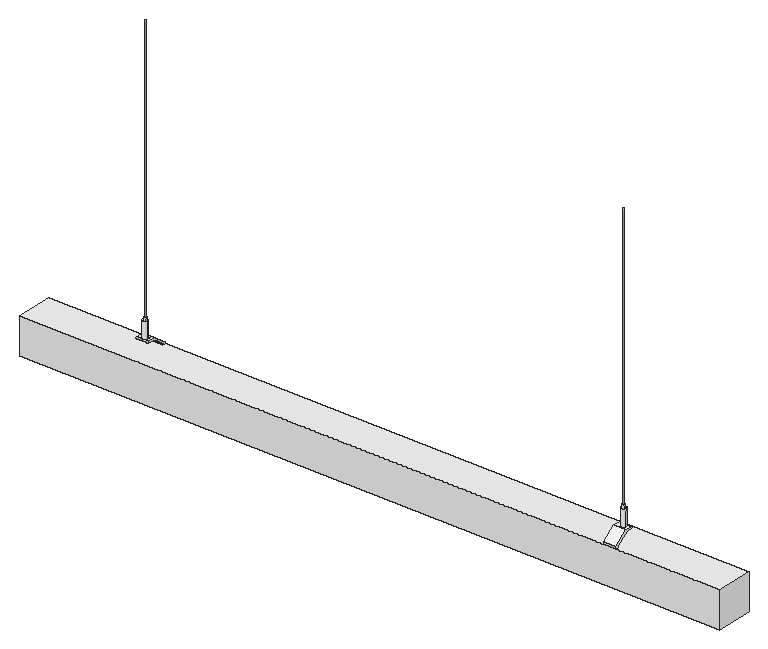
Revit family "Lighting_Pendants_Fagerhult_Notor-65-Beta-Opti_Unhosted", category Lighting Fixtures, Revit 2016
Family settings
  Part Type = Normal
  Round Connector Dimension = Use Diameter
  OmniClass Number = 23.80.70.00
  OmniClass Title = Lighting
  Work Plane-Based = No
  Always vertical = No
  Cut with Voids When Loaded = No
  Light Source = Yes
  Shared = No
  Room Calculation Point = No
Parameters (values of type "Reload with Family Catalog")
  Youtube clip = "https://vimeo.com/200646173"
  Width = 65 mm
  Weight Net (Kg) = "0"
  Weight (Kg) = "3.0"
  Wattage Comments = ""
  Wattage = 9.2903 W
  built-in parameter 1150110 = 1 (stored number, unit not read)
  Voltage = 230 V
  Uniformat II Description = "Lighting & Branch Wiring"
  Uniformat II Code = "D5020"
  Uniclass 2015 Name = "Light-emitting diode (LED) lamps"
  Uniclass 2015 Code = "Pr_70_70_46_44"
  Uniclass 2.0 Description = "Luminaires And Lamps"
  Uniclass 2.0 Code = "PR-49"
  Uniclass 1.4 Description = "Luminaires and lamps"
  Uniclass 1.4 Code = "JY73"
  URL = "www.Fagerhult.com"
  UNSPSC Code = "3911"
  TypeID = "EA2xx-i"
  built-in parameter 1114217 = 1 (stored number, unit not read)
  Tilt Angle = 90.00°
  built-in parameter 1150109 = 1 (stored number, unit not read)
  built-in parameter 1150134 = 3000
  Technical description = "https://www.fagerhult.com/Products/notor/notor-65-delta/"
  Sus. Position [instance] = 200 mm
  built-in parameter 1150113 = 1 (stored number, unit not read)
  Region South America = "AR"
  Region Oceania = "AS, AU, NZ"
  Region North America = "BB, GL, GT, US"
  Region Middle East = "AE, AF, BH, EG, IL, KW, LB, OM, QA, SA, TR"
  Region Europe = "AT, AX, BA, BE, BG, CH, CZ, DE, DK, EE, ES, FI, FO, FR, GB, GR, HR, HU, IE, IS, IT, LT, LU, LV, MT, NL, NO, PL, PT, RO, RU, SE, SI, SK, UA"
  Region Asia = "AM, CN, IN, JP, KR, LA, MO, MY, SG, TW"
  Region Antarctica = "None"
  Region Africa = "BF, ER, ET, NG, ZA"
  QR code = "http://bimobject.com/fagerhult/product/Notor-65-Delta"
  Product url = "https://www.fagerhult.com/Products/notor/notor-65-delta/"
  Product group = "Pendant"
  Product family = "Indoor"
  Product data url = "https://bimobject.com/fagerhult/product/Notor-65-Delta"
  Product certification = ""
  Product SKU = "Notor-65-Delta"
  Product Guid = "afe4afbb-cb42-484d-8347-68d999c3d456"
  Photometric Web File = "GENERIC - Please download and link the .IES file that best matches your fixture specification"
  Photometric File Note = "The .IES files provided are sample files based on a few standard configurations.  Not all photometric configurations are available.   The actual data and values will vary depending on lens, color temperature and other options.  Please visit www.fagerhult.com for more defined photometric data."  # constant formula
  Pendant Height [instance] = 600 mm
  Pend. Height [instance] = if(Pendant Height < 65 mm, 65 mm, Pendant Height)  # 600 mm
  OmniClass Description = "Lighting Fixtures"
  OmniClass Code = "23-35 47 11"
  Nr of lamells = 59
  built-in parameter 1150142 = (empty or 0)
  Nominal width = 0 mm
  Nominal height = 0 mm
  NBS Reference Description = "Luminaires And Lamps"
  NBS Reference Code = "49"
  Model = "Notor 65 Beta Opti"
  Material secondary = "Acrylic"
  Material main = "Aluminium"
  Masterformat 2014 Description = "Interior Lighting Fixtures, Lamps, And Ballasts"
  Masterformat 2014 Code = "26 51 13"
  Manufacturer name = "Fagerhult"
  Manufacturer country = "Sweden"
  Manufacturer = "Fagerhult"
  built-in parameter 1150105 = 80.584 (stored number, unit not read)
  Lumens = 1012.64 lm
  built-in parameter 1150115 = 1 (stored number, unit not read)
  Louvre = Aluminium - Fagerhult - BetaOpti - Satin matt
  Load Classification = Lighting
  built-in parameter 1150137 = (empty or 0)
  built-in parameter 1150139 = (empty or 0)
  Length = 1267 mm
  built-in parameter 1150112 = 1 (stored number, unit not read)
  built-in parameter 1150114 = 1 (stored number, unit not read)
  Lamp = "LED"  # constant formula
  Lamells = if(Length > 2000 mm, 118, Nr of lamells)  # 59
  Keynote = "V59"
  Installation instructions = "https://www.fagerhult.com/globalassets/inriverresources/instructionforuse/notor65_instruction_for_use.pdf"
  built-in parameter 1150132 = (empty or 0)
  built-in parameter 1150102 = (empty or 0)
  built-in parameter 1150107 = 3000 (stored number, unit not read)
  built-in parameter 1150138 = (empty or 0)
  built-in parameter 1150106 = 0.80584 (stored number, unit not read)
  IP Code = "Reload with Family Catalog"
  IFC Classification = "Light Fixture"
  Height = 65 mm
  Emit from Rectangle Width = Width - 15 mm  # 50 mm
  Emit from Rectangle Length = Length - 13 mm  # 1254 mm
  Emit Shape Visible in Rendering = no
  built-in parameter 1150104 = 10.126 (stored number, unit not read)
  Edition number = 1
  EAN_Code = "Reload with Family Catalog"
  EAN code = ""
  Dimming Lamp Color Temperature Shift = (empty or 0)
  Design country = "Sweden"
  Description = "Reload with Family Catalog"
  Default Elevation = 1219 mm
  Date of publishing = ""
  Color Rendering Index = "min. 80"
  Color Filter = 16777215
  Color = "Reload with Family Catalog"
  Coefficient of Utilization = (empty or 0)
  Calculate Coefficient of Utilization = 1
  COBIe Type Category = ""
  Brand url = "http://www.fagerhult.com"
  Body = Aluminium - Fagerhult - Anodised
  built-in parameter 1114218 = 1 (stored number, unit not read)
  BIMobject main category code = "lighting"
  BIMobject main category = "Lighting"
  BIMobject category code = "lighting-pendants"
  BIMobject category = "Pendants"
  built-in parameter 1150133 = 10 (stored number, unit not read)
  Assembly Code = "D5020230"
  Article Number = "Reload with Family Catalog"
  Apparent Load = 19 VA
Reference planes
  plane 1 "Center (Front/Back)": y = 0
  plane 2: z = 0
  plane 3 "Center (Left/Right)": x = 0
  plane 4: x = -633.5
  plane 5: x = 633.5
  plane 6: y = 32.5
  plane 7: y = -32.5
  plane 8 "Back": z = 65
  plane 9 "Light": z = 0
  plane 10: y = 25
  plane 11: y = -25
  plane 12: x = -627
  plane 13: x = 627
  plane 14: z = 32.5
  plane 15: z = 26
  plane 16: x = -433.5
  plane 17: x = 433.5
  plane 18 "Lamell": z = 19
  plane 19: x = -615.1
  plane 20: x = 615.1
Forms (mm)
  Extrusion 1, solid, material "Aluminium - Fagerhult - Anodised" <- "Body", detail levels medium+fine
    sketch origin (0, 0, 0) x (0, 1, 0) y (0, 0, 1)
      loop
        line (32.5, 65) -> (-32.5, 65) -> (-32.5, 0) -> (32.5, 0) -> (32.5, 65)
    from -633.5 to 633.5
  Extrusion 2, void
    sketch origin (0, 0, 335) x (0, 1, 0) y (0, 0, 1)
      loop
        line (25, -340) -> (25, -335) -> (16.552, -309) -> (-16.552, -309) -> (-25, -335) -> (-25, -340) -> (25, -340)
    from -627 to 627
  Extrusion 3, solid, material "Aluminium - Fagerhult - Anodised" <- "Body", detail levels coarse
    sketch origin (0, 0, 0) x (1, 0, 0) y (0, 1, 0)
      loop
        line (-633.5, 32.5) -> (-633.5, -32.5) -> (633.5, -32.5) -> (633.5, 32.5) -> (-633.5, 32.5)
    from 0 to 65
Cuts and joins
  Extrusion 2 cuts Extrusion 1
Dimensions and locks
  equal spacing: plane 4, plane 3 "Center (Left/Right)", plane 5
  "Length": plane 4 to plane 5
  equal spacing: plane 6, plane 1 "Center (Front/Back)", plane 7
  "Width": plane 6 to plane 7
  "Height": plane 8 "Back" to plane 9 "Light"
  plane 5 to plane 20 = 18.4 mm
  plane 19 to plane 4 = 18.4 mm
  equal spacing: group 1, group 3, group 4, group 5, group 6, group 7, group 8, group 9, group 10, group 11, group 12, group 13, group 14, group 15, group 16, group 17, group 18, group 19, group 20, group 21, group 22, group 23, group 24, group 25, group 26, group 27, group 28, group 29, group 30, group 31, group 32, group 33, group 34, group 35, group 36, group 37, group 38, group 39, group 40, group 41, group 42, group 43, group 44, group 45, group 46, group 47, group 48, group 49, group 50, group 51, group 52, group 53, group 54, group 55, group 56, group 57, group 58, group 59, group 2  (x3)
  plane 8 "Back" to plane 14 to plane 15 to plane 18 "Lamell" to plane 9 "Light" = 32.5 mm, 6.5 mm, 7 mm, 19 mm
  "Sus. Position": plane 4 to plane 16
  "Sus. Position": plane 17 to plane 5
  plane 13 to plane 5 = 6.5 mm
  plane 20 to plane 13 = 11.9 mm
  plane 4 to plane 12 = 6.5 mm
  plane 12 to plane 19 = 11.9 mm
  aligned and locked: level to plane 2
  aligned and locked: plane 8 "Back" to Extrusion 1 sketch curve
  aligned and locked: plane 6 to Extrusion 1 sketch curve
  aligned and locked: Extrusion 1 sketch curve to plane 9 "Light"
  aligned and locked: Extrusion 1 sketch curve to plane 7
  aligned and locked: plane 5 to Extrusion 1
  aligned and locked: Extrusion 1 to plane 4
  aligned and locked: nested 1 to plane 8 "Back"
  aligned and locked: nested 1 to plane 16
  aligned and locked: nested 2 to plane 17
  aligned and locked: nested 2 to plane 1 "Center (Front/Back)"
  aligned and locked: plane 1 "Center (Front/Back)" to nested 1
  aligned and locked: plane 9 "Light" to imposter light
  aligned and locked: imposter light to plane 1 "Center (Front/Back)"
  aligned and locked: plane 18 "Lamell" to nested 3
  aligned and locked: plane 18 "Lamell" to nested 4
  aligned and locked: nested 2 to plane 8 "Back"
  aligned and locked: Extrusion 2 to plane 12
  aligned and locked: plane 13 to Extrusion 2
  aligned and locked: nested 3 to plane 19
  aligned and locked: plane 20 to nested 4
  aligned and locked: plane 6 to Extrusion 3
  aligned and locked: plane 5 to Extrusion 3
  aligned and locked: Extrusion 3 to plane 7
  aligned and locked: Extrusion 3 to plane 4
  aligned and locked: Extrusion 3 to level
  aligned and locked: plane 8 "Back" to Extrusion 3
Automatic sketch dimensions
  Extrusion 2 sketch curve to plane 11 = 0 mm
  plane 15 to Extrusion 2 sketch curve = 0 mm
  Extrusion 2 sketch curve to plane 9 "Light" = 0 mm  (x2)
  Extrusion 2 sketch curve to plane 10 = 0 mm
  plane 11 to Extrusion 2 sketch curve = 8.448 mm
  Extrusion 2 sketch curve to plane 10 = 8.448 mm
  plane 9 "Light" to Extrusion 2 sketch curve = 5 mm
  Extrusion 3 sketch curve to plane 4 = 0 mm
  Extrusion 3 sketch curve to plane 5 = 0 mm
  Extrusion 3 sketch curve to plane 7 = 0 mm
  Extrusion 3 sketch curve to plane 6 = 0 mm
Nested families
  nested 1: "Fitting" at (-433.5, 0, 600), type "Fitting", detail levels fine
  nested 2: "Fitting" at (433.5, 0, 600) x (-1, 0, 0) z (0, 0, 1), type "Fitting", detail levels fine
  nested 3: "Lamell" at (-609.1, 0, 1.2) x (0, 1, 0) z (0, 0, 1), type "Lamell", detail levels fine
  nested 4: "Lamell" at (615.1, 0, 1.2) x (0, 1, 0) z (0, 0, 1), type "Lamell", detail levels fine
  nested 5: "Lamell" at (-587.993, 0, 1.2) x (0, 1, 0) z (0, 0, 1), type "Lamell", detail levels fine
  nested 6: "Lamell" at (-566.886, 0, 1.2) x (0, 1, 0) z (0, 0, 1), type "Lamell", detail levels fine
  nested 7: "Lamell" at (-545.779, 0, 1.2) x (0, 1, 0) z (0, 0, 1), type "Lamell", detail levels fine
  nested 8: "Lamell" at (-524.672, 0, 1.2) x (0, 1, 0) z (0, 0, 1), type "Lamell", detail levels fine
  nested 9: "Lamell" at (-503.566, 0, 1.2) x (0, 1, 0) z (0, 0, 1), type "Lamell", detail levels fine
  nested 10: "Lamell" at (-482.459, 0, 1.2) x (0, 1, 0) z (0, 0, 1), type "Lamell", detail levels fine
  nested 11: "Lamell" at (-461.352, 0, 1.2) x (0, 1, 0) z (0, 0, 1), type "Lamell", detail levels fine
  nested 12: "Lamell" at (-440.245, 0, 1.2) x (0, 1, 0) z (0, 0, 1), type "Lamell", detail levels fine
  nested 13: "Lamell" at (-419.138, 0, 1.2) x (0, 1, 0) z (0, 0, 1), type "Lamell", detail levels fine
  nested 14: "Lamell" at (-398.031, 0, 1.2) x (0, 1, 0) z (0, 0, 1), type "Lamell", detail levels fine
  nested 15: "Lamell" at (-376.924, 0, 1.2) x (0, 1, 0) z (0, 0, 1), type "Lamell", detail levels fine
  nested 16: "Lamell" at (-355.817, 0, 1.2) x (0, 1, 0) z (0, 0, 1), type "Lamell", detail levels fine
  nested 17: "Lamell" at (-334.71, 0, 1.2) x (0, 1, 0) z (0, 0, 1), type "Lamell", detail levels fine
  nested 18: "Lamell" at (-313.603, 0, 1.2) x (0, 1, 0) z (0, 0, 1), type "Lamell", detail levels fine
  nested 19: "Lamell" at (-292.497, 0, 1.2) x (0, 1, 0) z (0, 0, 1), type "Lamell", detail levels fine
  nested 20: "Lamell" at (-271.39, 0, 1.2) x (0, 1, 0) z (0, 0, 1), type "Lamell", detail levels fine
  nested 21: "Lamell" at (-250.283, 0, 1.2) x (0, 1, 0) z (0, 0, 1), type "Lamell", detail levels fine
  nested 22: "Lamell" at (-229.176, 0, 1.2) x (0, 1, 0) z (0, 0, 1), type "Lamell", detail levels fine
  nested 23: "Lamell" at (-208.069, 0, 1.2) x (0, 1, 0) z (0, 0, 1), type "Lamell", detail levels fine
  nested 24: "Lamell" at (-186.962, 0, 1.2) x (0, 1, 0) z (0, 0, 1), type "Lamell", detail levels fine
  nested 25: "Lamell" at (-165.855, 0, 1.2) x (0, 1, 0) z (0, 0, 1), type "Lamell", detail levels fine
  nested 26: "Lamell" at (-144.748, 0, 1.2) x (0, 1, 0) z (0, 0, 1), type "Lamell", detail levels fine
  nested 27: "Lamell" at (-123.641, 0, 1.2) x (0, 1, 0) z (0, 0, 1), type "Lamell", detail levels fine
  nested 28: "Lamell" at (-102.534, 0, 1.2) x (0, 1, 0) z (0, 0, 1), type "Lamell", detail levels fine
  nested 29: "Lamell" at (-81.428, 0, 1.2) x (0, 1, 0) z (0, 0, 1), type "Lamell", detail levels fine
  nested 30: "Lamell" at (-60.321, 0, 1.2) x (0, 1, 0) z (0, 0, 1), type "Lamell", detail levels fine
  nested 31: "Lamell" at (-39.214, 0, 1.2) x (0, 1, 0) z (0, 0, 1), type "Lamell", detail levels fine
  nested 32: "Lamell" at (-18.107, 0, 1.2) x (0, 1, 0) z (0, 0, 1), type "Lamell", detail levels fine
  nested 33: "Lamell" at (3, 0, 1.2) x (0, 1, 0) z (0, 0, 1), type "Lamell", detail levels fine
  nested 34: "Lamell" at (24.107, 0, 1.2) x (0, 1, 0) z (0, 0, 1), type "Lamell", detail levels fine
  nested 35: "Lamell" at (45.214, 0, 1.2) x (0, 1, 0) z (0, 0, 1), type "Lamell", detail levels fine
  nested 36: "Lamell" at (66.321, 0, 1.2) x (0, 1, 0) z (0, 0, 1), type "Lamell", detail levels fine
  nested 37: "Lamell" at (87.428, 0, 1.2) x (0, 1, 0) z (0, 0, 1), type "Lamell", detail levels fine
  nested 38: "Lamell" at (108.534, 0, 1.2) x (0, 1, 0) z (0, 0, 1), type "Lamell", detail levels fine
  nested 39: "Lamell" at (129.641, 0, 1.2) x (0, 1, 0) z (0, 0, 1), type "Lamell", detail levels fine
  nested 40: "Lamell" at (150.748, 0, 1.2) x (0, 1, 0) z (0, 0, 1), type "Lamell", detail levels fine
  nested 41: "Lamell" at (171.855, 0, 1.2) x (0, 1, 0) z (0, 0, 1), type "Lamell", detail levels fine
  nested 42: "Lamell" at (192.962, 0, 1.2) x (0, 1, 0) z (0, 0, 1), type "Lamell", detail levels fine
  nested 43: "Lamell" at (214.069, 0, 1.2) x (0, 1, 0) z (0, 0, 1), type "Lamell", detail levels fine
  nested 44: "Lamell" at (235.176, 0, 1.2) x (0, 1, 0) z (0, 0, 1), type "Lamell", detail levels fine
  nested 45: "Lamell" at (256.283, 0, 1.2) x (0, 1, 0) z (0, 0, 1), type "Lamell", detail levels fine
  nested 46: "Lamell" at (277.39, 0, 1.2) x (0, 1, 0) z (0, 0, 1), type "Lamell", detail levels fine
  nested 47: "Lamell" at (298.497, 0, 1.2) x (0, 1, 0) z (0, 0, 1), type "Lamell", detail levels fine
  nested 48: "Lamell" at (319.603, 0, 1.2) x (0, 1, 0) z (0, 0, 1), type "Lamell", detail levels fine
  nested 49: "Lamell" at (340.71, 0, 1.2) x (0, 1, 0) z (0, 0, 1), type "Lamell", detail levels fine
  nested 50: "Lamell" at (361.817, 0, 1.2) x (0, 1, 0) z (0, 0, 1), type "Lamell", detail levels fine
  nested 51: "Lamell" at (382.924, 0, 1.2) x (0, 1, 0) z (0, 0, 1), type "Lamell", detail levels fine
  nested 52: "Lamell" at (404.031, 0, 1.2) x (0, 1, 0) z (0, 0, 1), type "Lamell", detail levels fine
  nested 53: "Lamell" at (425.138, 0, 1.2) x (0, 1, 0) z (0, 0, 1), type "Lamell", detail levels fine
  nested 54: "Lamell" at (446.245, 0, 1.2) x (0, 1, 0) z (0, 0, 1), type "Lamell", detail levels fine
  nested 55: "Lamell" at (467.352, 0, 1.2) x (0, 1, 0) z (0, 0, 1), type "Lamell", detail levels fine
  nested 56: "Lamell" at (488.459, 0, 1.2) x (0, 1, 0) z (0, 0, 1), type "Lamell", detail levels fine
  nested 57: "Lamell" at (509.566, 0, 1.2) x (0, 1, 0) z (0, 0, 1), type "Lamell", detail levels fine
  nested 58: "Lamell" at (530.672, 0, 1.2) x (0, 1, 0) z (0, 0, 1), type "Lamell", detail levels fine
  nested 59: "Lamell" at (551.779, 0, 1.2) x (0, 1, 0) z (0, 0, 1), type "Lamell", detail levels fine
  nested 60: "Lamell" at (572.886, 0, 1.2) x (0, 1, 0) z (0, 0, 1), type "Lamell", detail levels fine
  nested 61: "Lamell" at (593.993, 0, 1.2) x (0, 1, 0) z (0, 0, 1), type "Lamell", detail levels fine
Connectors
  electrical at (0, 0, 65), driven by "Load Classification", driven by "Voltage", driven by "Apparent Load"
    settings: index 1, voltage 230 V, apparent load 0 VA, apparent load phase1 19 VA, apparent load phase2 0 VA, apparent load phase3 0 VA, power factor 1, load classification "Lighting", number of poles 1, system type 31, power factor state 1, is connector primary yes, connector utility no, sub classification motor no, connector description ""
Definition of nested family "Fitting"
  Parameters (values of type "Fitting")
    Susp Height = 600 mm
    Body = none
  Reference planes
    plane 1 "Center (Front/Back)": y = 0
    plane 2: z = 0
    plane 3 "Center (Left/Right)": x = 0
    plane 4: y = 11
    plane 5: y = -11
    plane 6: x = -11
    plane 7: x = 11
    plane 8: x = 0
    plane 9: y = 0
    plane 10: y = 0
    plane 11: x = 0
    plane 12: z = -535
    plane 13: z = -600
    plane 14: z = -515.003
    plane 15: z = -487.003
    plane 16: z = -481.503
  Forms (mm)
    Extrusion 1, solid, material <- "Body", detail levels medium+fine
      sketch origin (118.305, -323.67, -261.422) x (-1, 0, 0) y (0, -1, 0)
        loop
          circle (118.305, -323.67) r 4.5
      from -225.581 to -253.581
    Extrusion 2, solid, material <- "Body", detail levels medium+fine
      sketch origin (118.305, -323.67, 108.578) x (-1, 0, 0) y (0, -1, 0)
        loop
          circle (118.305, -323.67) r 2
      from -590.081 to -595.581
    Extrusion 3, solid, detail levels medium+fine
      sketch origin (0, 0, 0) x (0, -1, 0) y (1, 0, 0)
        loop
          circle (0, 0) r 1.025
      from 0 to -481.503
    Extrusion 4, solid, material <- "Body", detail levels medium+fine
      sketch origin (0, 0, 0) x (0, 1, 0) y (0, 0, 1)
        loop
          line (25.887, -532.677) -> (27.429, -535) -> (31.544, -535) -> (31.544, -532.4) -> (8.294, -515.003) -> (-4.715, -515.003)
          arc (-4.715, -515.003) -> (-6.215, -516.503) -> (-4.715, -518.003) r 1.5
          line (-4.715, -518.003) -> (7.323, -518.003) -> (25.887, -532.677)
      from -11 to 11
  Dimensions and locks
    equal spacing: plane 4, plane 1 "Center (Front/Back)", plane 5
    plane 4 to plane 5 = 22 mm
    equal spacing: plane 6, plane 3 "Center (Left/Right)", plane 7
    locked: plane 6 to plane 7 at 22
    locked: plane 13 to plane 12 at 65
    "Susp Height": plane 13 to level
    locked: plane 12 to plane 14 at 19.997
    locked: plane 14 to plane 15 at 28
    locked: plane 15 to plane 16 at 5.5
    aligned and locked: level to plane 2
    aligned and locked: plane 14 to Extrusion 1
    aligned and locked: plane 15 to Extrusion 1
    aligned and locked: Extrusion 2 to plane 15
    aligned and locked: plane 16 to Extrusion 2
    aligned and locked: Extrusion 3 to plane 16
  Automatic sketch dimensions
    plane 1 "Center (Front/Back)" to Extrusion 1 sketch curve = 0 mm
    Extrusion 1 sketch curve to plane 3 "Center (Left/Right)" = 0 mm
    plane 1 "Center (Front/Back)" to Extrusion 2 sketch curve = 0 mm
    Extrusion 2 sketch curve to plane 3 "Center (Left/Right)" = 0 mm
    plane 1 "Center (Front/Back)" to Extrusion 3 sketch curve = 0 mm
    Extrusion 3 sketch curve to plane 3 "Center (Left/Right)" = 0 mm
    Extrusion 4 sketch curve to plane 14 = 0 mm
    plane 12 to Extrusion 4 sketch curve = 0 mm
    plane 1 "Center (Front/Back)" to Extrusion 4 sketch curve = 4.715 mm
    Extrusion 4 sketch curve to plane 4 = 3.677 mm
    Extrusion 4 sketch curve to plane 4 = 2.706 mm
    Extrusion 4 sketch curve to plane 12 = 2.323 mm
    plane 4 to Extrusion 4 sketch curve = 14.887 mm
    Extrusion 4 sketch curve to Extrusion 4 sketch curve = 1.542 mm
    Extrusion 4 sketch curve to Extrusion 4 sketch curve = 4.115 mm
    Extrusion 4 sketch curve to Extrusion 4 sketch curve = 2.6 mm
    Extrusion 4 sketch curve to plane 14 = 3 mm
    radius of Extrusion 1 sketch curve = 4.5 mm
    radius of Extrusion 2 sketch curve = 2 mm
    radius of Extrusion 3 sketch curve = 1.025 mm
Definition of nested family "Lamell"
  Parameters (values of type "Lamell")
    Width = 50 mm
    Louvre = none
  Reference planes
    plane 1 "Center (Front/Back)": y = 0
    plane 2: z = 0
    plane 3 "Center (Left/Right)": x = 0
    plane 4: y = 6
    plane 5: z = 17.8
    plane 6: y = 3
    plane 7: x = -25
    plane 8: x = 25
  Forms (mm)
    Extrusion 1, solid, material <- "Louvre", detail levels fine
      sketch origin (0, 0, 0) x (0, 1, 0) y (0, 0, 1)
        loop
          line (6, 17.8) -> (0, 17.8) -> (3, 0) -> (6, 17.8)
      from -25 to 25
  Dimensions and locks
    equal spacing: plane 7, plane 3 "Center (Left/Right)", plane 8
    "Width": plane 7 to plane 8
    aligned and locked: level to plane 2
    aligned and locked: Extrusion 1 to plane 7
    aligned and locked: plane 8 to Extrusion 1
  Automatic sketch dimensions
    Extrusion 1 sketch curve to plane 1 "Center (Front/Back)" = 0 mm
    Extrusion 1 sketch curve to level = 0 mm
    Extrusion 1 sketch curve to plane 6 = 0 mm
    Extrusion 1 sketch curve to plane 4 = 0 mm
    Extrusion 1 sketch curve to plane 5 = 0 mm
Types in the file's own list only (96): name | Weight (Kg) | Length | Lamells | IP Code | Emit from Rectangle Length | EAN_Code | Description | Color | Coefficient of Utilization | Calculate Coefficient of Utilization | Body | Article Number | Apparent Load
  NOTOR65 BETAOPTI SURF PEND 1200 D LL 830 ALU START/SINGLE_13300-402 | "3.0" | 1267 mm | 59 | "20" | 1254 mm | "7320046630874" | "Suspended or ceiling-mounted workplace luminaire with direct or direct/indirect light. Beta Opti louvres provide high efficiency and optimal lighting comfort. Single or continuous installation." | "Anodised" | 0 | Yes | Aluminium - Fagerhult - Anodised | "13300-402" | 19 VA
  NOTOR65 BETAOPTI SURF PEND 1200 D LL 830 ALU START/SINGLE_13300-442 | "3.0" | 1328 mm | 59 | "20" | 1315 mm | "7320046630911" | "Suspended or ceiling-mounted workplace luminaire with direct or direct/indirect light. Beta Opti louvres provide high efficiency and optimal lighting comfort. Single or continuous installation." | "Anodised" | 0 | Yes | Aluminium - Fagerhult - Anodised | "13300-442" | 19 VA
  NOTOR65 BETAOPTI SURF PEND 1200 D LL 830 ALU START/SINGLE_13300-449 | "3.0" | 1328 mm | 59 | "20" | 1315 mm | "7320046630898" | "Suspended or ceiling-mounted workplace luminaire with direct or direct/indirect light. Beta Opti louvres provide high efficiency and optimal lighting comfort. Single or continuous installation." | "Anodised" | 0 | Yes | Aluminium - Fagerhult - Anodised | "13300-449" | 19 VA
  NOTOR65 BETAOPTI SURF PEND 1200 D HL 830 ALU START/SINGLE_13301-402 | "3.0" | 1267 mm | 59 | "20" | 1254 mm | "7320046630959" | "Suspended or ceiling-mounted workplace luminaire with direct or direct/indirect light. Beta Opti louvres provide high efficiency and optimal lighting comfort. Single or continuous installation." | "Anodised" | 0 | Yes | Aluminium - Fagerhult - Anodised | "13301-402" | 29 VA
  NOTOR65 BETAOPTI SURF PEND 1200 D HL 830 ALU START/SINGLE_13301-442 | "3.0" | 1328 mm | 59 | "20" | 1315 mm | "7320046630997" | "Suspended or ceiling-mounted workplace luminaire with direct or direct/indirect light. Beta Opti louvres provide high efficiency and optimal lighting comfort. Single or continuous installation." | "Anodised" | 0 | Yes | Aluminium - Fagerhult - Anodised | "13301-442" | 29 VA
  NOTOR65 BETAOPTI SURF PEND 1200 D HL 830 ALU START/SINGLE_13301-449 | "3.0" | 1328 mm | 59 | "20" | 1315 mm | "7320046630973" | "Suspended or ceiling-mounted workplace luminaire with direct or direct/indirect light. Beta Opti louvres provide high efficiency and optimal lighting comfort. Single or continuous installation." | "Anodised" | 0 | Yes | Aluminium - Fagerhult - Anodised | "13301-449" | 29 VA
  NOTOR65 BETAOPTI SURF PEND 1200 D LL 840 ALU START/SINGLE_13302-402 | "3.0" | 1267 mm | 59 | "20" | 1254 mm | "7320046631031" | "Suspended or ceiling-mounted workplace luminaire with direct or direct/indirect light. Beta Opti louvres provide high efficiency and optimal lighting comfort. Single or continuous installation." | "Anodised" | 0 | Yes | Aluminium - Fagerhult - Anodised | "13302-402" | 19 VA
  NOTOR65 BETAOPTI SURF PEND 1200 D LL 840 ALU START/SINGLE_13302-442 | "3.0" | 1328 mm | 59 | "20" | 1315 mm | "7320046631079" | "Suspended or ceiling-mounted workplace luminaire with direct or direct/indirect light. Beta Opti louvres provide high efficiency and optimal lighting comfort. Single or continuous installation." | "Anodised" | 0 | Yes | Aluminium - Fagerhult - Anodised | "13302-442" | 19 VA
  NOTOR65 BETAOPTI SURF PEND 1200 D LL 840 ALU START/SINGLE_13302-449 | "3.0" | 1328 mm | 59 | "20" | 1315 mm | "7320046631055" | "Suspended or ceiling-mounted workplace luminaire with direct or direct/indirect light. Beta Opti louvres provide high efficiency and optimal lighting comfort. Single or continuous installation." | "Anodised" | 0 | Yes | Aluminium - Fagerhult - Anodised | "13302-449" | 19 VA
  NOTOR65 BETAOPTI SURF PEND 1200 D HL 840 ALU START/SINGLE_13303-402 | "3.0" | 1267 mm | 59 | "20" | 1254 mm | "7320046631116" | "Suspended or ceiling-mounted workplace luminaire with direct or direct/indirect light. Beta Opti louvres provide high efficiency and optimal lighting comfort. Single or continuous installation." | "Anodised" | 0 | Yes | Aluminium - Fagerhult - Anodised | "13303-402" | 29 VA
  NOTOR65 BETAOPTI SURF PEND 1200 D HL 840 ALU START/SINGLE_13303-442 | "3.0" | 1328 mm | 59 | "20" | 1315 mm | "7320046631154" | "Suspended or ceiling-mounted workplace luminaire with direct or direct/indirect light. Beta Opti louvres provide high efficiency and optimal lighting comfort. Single or continuous installation." | "Anodised" | 0 | Yes | Aluminium - Fagerhult - Anodised | "13303-442" | 29 VA
  NOTOR65 BETAOPTI SURF PEND 1200 D HL 840 ALU START/SINGLE_13303-449 | "3.0" | 1328 mm | 59 | "20" | 1315 mm | "7320046631130" | "Suspended or ceiling-mounted workplace luminaire with direct or direct/indirect light. Beta Opti louvres provide high efficiency and optimal lighting comfort. Single or continuous installation." | "Anodised" | 0 | Yes | Aluminium - Fagerhult - Anodised | "13303-449" | 29 VA
  NOTOR65 BETAOPTI SURF PEND 1200 D LL 830 WHT START/SINGLE_13304-402 | "3.0" | 1267 mm | 59 | "20" | 1254 mm | "7320046631192" | "Suspended or ceiling-mounted workplace luminaire with direct or direct/indirect light. Beta Opti louvres provide high efficiency and optimal lighting comfort. Single or continuous installation." | "White" | 0 | Yes | Aluminium - Fagerhult - White | "13304-402" | 19 VA
  NOTOR65 BETAOPTI SURF PEND 1200 D LL 830 WHT START/SINGLE_13304-442 | "3.0" | 1328 mm | 59 | "20" | 1315 mm | "7320046631239" | "Suspended or ceiling-mounted workplace luminaire with direct or direct/indirect light. Beta Opti louvres provide high efficiency and optimal lighting comfort. Single or continuous installation." | "White" | 0 | Yes | Aluminium - Fagerhult - White | "13304-442" | 19 VA
  NOTOR65 BETAOPTI SURF PEND 1200 D LL 830 WHT START/SINGLE_13304-449 | "3.0" | 1328 mm | 59 | "20" | 1315 mm | "7320046631215" | "Suspended or ceiling-mounted workplace luminaire with direct or direct/indirect light. Beta Opti louvres provide high efficiency and optimal lighting comfort. Single or continuous installation." | "White" | 0 | Yes | Aluminium - Fagerhult - White | "13304-449" | 19 VA
  NOTOR65 BETAOPTI SURF PEND 1200 D HL 830 WHT START/SINGLE_13305-402 | "3.0" | 1267 mm | 59 | "20" | 1254 mm | "7320046631277" | "Suspended or ceiling-mounted workplace luminaire with direct or direct/indirect light. Beta Opti louvres provide high efficiency and optimal lighting comfort. Single or continuous installation." | "White" | 0 | Yes | Aluminium - Fagerhult - White | "13305-402" | 29 VA
  NOTOR65 BETAOPTI SURF PEND 1200 D HL 830 WHT START/SINGLE_13305-442 | "3.0" | 1328 mm | 59 | "20" | 1315 mm | "7320046631314" | "Suspended or ceiling-mounted workplace luminaire with direct or direct/indirect light. Beta Opti louvres provide high efficiency and optimal lighting comfort. Single or continuous installation." | "White" | 0 | Yes | Aluminium - Fagerhult - White | "13305-442" | 29 VA
  NOTOR65 BETAOPTI SURF PEND 1200 D HL 830 WHT START/SINGLE_13305-449 | "3.0" | 1328 mm | 59 | "20" | 1315 mm | "7320046631291" | "Suspended or ceiling-mounted workplace luminaire with direct or direct/indirect light. Beta Opti louvres provide high efficiency and optimal lighting comfort. Single or continuous installation." | "White" | 0 | Yes | Aluminium - Fagerhult - White | "13305-449" | 29 VA
  NOTOR65 BETAOPTI SURF PEND 1200 D LL 840 WHT START/SINGLE_13306-402 | "3.0" | 1267 mm | 59 | "20" | 1254 mm | "7320046631352" | "Suspended or ceiling-mounted workplace luminaire with direct or direct/indirect light. Beta Opti louvres provide high efficiency and optimal lighting comfort. Single or continuous installation." | "White" | 0 | Yes | Aluminium - Fagerhult - White | "13306-402" | 19 VA
  NOTOR65 BETAOPTI SURF PEND 1200 D LL 840 WHT START/SINGLE_13306-442 | "3.0" | 1328 mm | 59 | "20" | 1315 mm | "7320046631390" | "Suspended or ceiling-mounted workplace luminaire with direct or direct/indirect light. Beta Opti louvres provide high efficiency and optimal lighting comfort. Single or continuous installation." | "White" | 0 | Yes | Aluminium - Fagerhult - White | "13306-442" | 19 VA
  NOTOR65 BETAOPTI SURF PEND 1200 D LL 840 WHT START/SINGLE_13306-449 | "3.0" | 1328 mm | 59 | "20" | 1315 mm | "7320046631376" | "Suspended or ceiling-mounted workplace luminaire with direct or direct/indirect light. Beta Opti louvres provide high efficiency and optimal lighting comfort. Single or continuous installation." | "White" | 0 | Yes | Aluminium - Fagerhult - White | "13306-449" | 19 VA
  NOTOR65 BETAOPTI SURF PEND 1200 D HL 840 WHT START/SINGLE_13307-402 | "3.0" | 1267 mm | 59 | "20" | 1254 mm | "7320046631437" | "Suspended or ceiling-mounted workplace luminaire with direct or direct/indirect light. Beta Opti louvres provide high efficiency and optimal lighting comfort. Single or continuous installation." | "White" | 0 | Yes | Aluminium - Fagerhult - White | "13307-402" | 29 VA
  NOTOR65 BETAOPTI SURF PEND 1200 D HL 840 WHT START/SINGLE_13307-442 | "3.0" | 1328 mm | 59 | "20" | 1315 mm | "7320046631475" | "Suspended or ceiling-mounted workplace luminaire with direct or direct/indirect light. Beta Opti louvres provide high efficiency and optimal lighting comfort. Single or continuous installation." | "White" | 0 | Yes | Aluminium - Fagerhult - White | "13307-442" | 29 VA
  NOTOR65 BETAOPTI SURF PEND 1200 D HL 840 WHT START/SINGLE_13307-449 | "3.0" | 1328 mm | 59 | "20" | 1315 mm | "7320046631451" | "Suspended or ceiling-mounted workplace luminaire with direct or direct/indirect light. Beta Opti louvres provide high efficiency and optimal lighting comfort. Single or continuous installation." | "White" | 0 | Yes | Aluminium - Fagerhult - White | "13307-449" | 29 VA
  NOTOR65 BETAOPTI SURF PEND 1200 DI LL 830 ALU START/SINGLE_13308-402 | "3.0" | 1267 mm | 59 | "20" | 1254 mm | "7320046631512" | "Suspended or ceiling-mounted workplace luminaire with direct or direct/indirect light. Beta Opti louvres provide high efficiency and optimal lighting comfort. Single or continuous installation." | "Anodised" | 0 | Yes | Aluminium - Fagerhult - Anodised | "13308-402" | 37 VA
  NOTOR65 BETAOPTI SURF PEND 1200 DI LL 830 ALU START/SINGLE_13308-442 | "3.0" | 1328 mm | 59 | "20" | 1315 mm | "7320046631550" | "Suspended or ceiling-mounted workplace luminaire with direct or direct/indirect light. Beta Opti louvres provide high efficiency and optimal lighting comfort. Single or continuous installation." | "Anodised" | 0 | Yes | Aluminium - Fagerhult - Anodised | "13308-442" | 37 VA
  NOTOR65 BETAOPTI SURF PEND 1200 DI LL 830 ALU START/SINGLE_13308-449 | "3.0" | 1328 mm | 59 | "20" | 1315 mm | "7320046631536" | "Suspended or ceiling-mounted workplace luminaire with direct or direct/indirect light. Beta Opti louvres provide high efficiency and optimal lighting comfort. Single or continuous installation." | "Anodised" | 0 | Yes | Aluminium - Fagerhult - Anodised | "13308-449" | 37 VA
  NOTOR65 BETAOPTI SURF PEND 1200 DI HL 830 ALU START/SINGLE_13309-402 | "3.0" | 1267 mm | 59 | "20" | 1254 mm | "7320046631598" | "Suspended or ceiling-mounted workplace luminaire with direct or direct/indirect light. Beta Opti louvres provide high efficiency and optimal lighting comfort. Single or continuous installation." | "Anodised" | 0 | Yes | Aluminium - Fagerhult - Anodised | "13309-402" | 46 VA
  NOTOR65 BETAOPTI SURF PEND 1200 DI HL 830 ALU START/SINGLE_13309-442 | "3.0" | 1328 mm | 59 | "20" | 1315 mm | "7320046631635" | "Suspended or ceiling-mounted workplace luminaire with direct or direct/indirect light. Beta Opti louvres provide high efficiency and optimal lighting comfort. Single or continuous installation." | "Anodised" | 0 | Yes | Aluminium - Fagerhult - Anodised | "13309-442" | 46 VA
  NOTOR65 BETAOPTI SURF PEND 1200 DI HL 830 ALU START/SINGLE_13309-449 | "3.0" | 1328 mm | 59 | "20" | 1315 mm | "7320046631611" | "Suspended or ceiling-mounted workplace luminaire with direct or direct/indirect light. Beta Opti louvres provide high efficiency and optimal lighting comfort. Single or continuous installation." | "Anodised" | 0 | Yes | Aluminium - Fagerhult - Anodised | "13309-449" | 46 VA
  NOTOR65 BETAOPTI SURF PEND 1200 DI LL 840 ALU START/SINGLE_13310-402 | "3.0" | 1267 mm | 59 | "20" | 1254 mm | "7320046631673" | "Suspended or ceiling-mounted workplace luminaire with direct or direct/indirect light. Beta Opti louvres provide high efficiency and optimal lighting comfort. Single or continuous installation." | "Anodised" | 0 | Yes | Aluminium - Fagerhult - Anodised | "13310-402" | 37 VA
  NOTOR65 BETAOPTI SURF PEND 1200 DI LL 840 ALU START/SINGLE_13310-442 | "3.0" | 1328 mm | 59 | "20" | 1315 mm | "7320046631710" | "Suspended or ceiling-mounted workplace luminaire with direct or direct/indirect light. Beta Opti louvres provide high efficiency and optimal lighting comfort. Single or continuous installation." | "Anodised" | 0 | Yes | Aluminium - Fagerhult - Anodised | "13310-442" | 37 VA
  NOTOR65 BETAOPTI SURF PEND 1200 DI LL 840 ALU START/SINGLE_13310-449 | "3.0" | 1328 mm | 59 | "20" | 1315 mm | "7320046631697" | "Suspended or ceiling-mounted workplace luminaire with direct or direct/indirect light. Beta Opti louvres provide high efficiency and optimal lighting comfort. Single or continuous installation." | "Anodised" | 0 | Yes | Aluminium - Fagerhult - Anodised | "13310-449" | 37 VA
  NOTOR65 BETAOPTI SURF PEND 1200 DI HL 840 ALU START/SINGLE_13311-402 | "3.0" | 1267 mm | 59 | "20" | 1254 mm | "7320046631758" | "Suspended or ceiling-mounted workplace luminaire with direct or direct/indirect light. Beta Opti louvres provide high efficiency and optimal lighting comfort. Single or continuous installation." | "Anodised" | 0 | Yes | Aluminium - Fagerhult - Anodised | "13311-402" | 46 VA
  NOTOR65 BETAOPTI SURF PEND 1200 DI HL 840 ALU START/SINGLE_13311-442 | "3.0" | 1328 mm | 59 | "20" | 1315 mm | "7320046631796" | "Suspended or ceiling-mounted workplace luminaire with direct or direct/indirect light. Beta Opti louvres provide high efficiency and optimal lighting comfort. Single or continuous installation." | "Anodised" | 0 | Yes | Aluminium - Fagerhult - Anodised | "13311-442" | 46 VA
  NOTOR65 BETAOPTI SURF PEND 1200 DI HL 840 ALU START/SINGLE_13311-449 | "3.0" | 1328 mm | 59 | "20" | 1315 mm | "7320046631772" | "Suspended or ceiling-mounted workplace luminaire with direct or direct/indirect light. Beta Opti louvres provide high efficiency and optimal lighting comfort. Single or continuous installation." | "Anodised" | 0 | Yes | Aluminium - Fagerhult - Anodised | "13311-449" | 46 VA
  NOTOR65 BETAOPTI SURF PEND 1200 DI LL 830 WHT START/SINGLE_13312-402 | "3.0" | 1267 mm | 59 | "20" | 1254 mm | "7320046631833" | "Suspended or ceiling-mounted workplace luminaire with direct or direct/indirect light. Beta Opti louvres provide high efficiency and optimal lighting comfort. Single or continuous installation." | "White" | 0 | Yes | Aluminium - Fagerhult - White | "13312-402" | 37 VA
  NOTOR65 BETAOPTI SURF PEND 1200 DI LL 830 WHT START/SINGLE_13312-442 | "3.0" | 1328 mm | 59 | "20" | 1315 mm | "7320046631871" | "Suspended or ceiling-mounted workplace luminaire with direct or direct/indirect light. Beta Opti louvres provide high efficiency and optimal lighting comfort. Single or continuous installation." | "White" | 0 | Yes | Aluminium - Fagerhult - White | "13312-442" | 37 VA
  NOTOR65 BETAOPTI SURF PEND 1200 DI LL 830 WHT START/SINGLE_13312-449 | "3.0" | 1328 mm | 59 | "20" | 1315 mm | "7320046631857" | "Suspended or ceiling-mounted workplace luminaire with direct or direct/indirect light. Beta Opti louvres provide high efficiency and optimal lighting comfort. Single or continuous installation." | "White" | 0 | Yes | Aluminium - Fagerhult - White | "13312-449" | 37 VA
  NOTOR65 BETAOPTI SURF PEND 1200 DI HL 830 WHT START/SINGLE_13313-402 | "3.0" | 1267 mm | 59 | "20" | 1254 mm | "7320046631918" | "Suspended or ceiling-mounted workplace luminaire with direct or direct/indirect light. Beta Opti louvres provide high efficiency and optimal lighting comfort. Single or continuous installation." | "White" | 0 | Yes | Aluminium - Fagerhult - White | "13313-402" | 46 VA
  NOTOR65 BETAOPTI SURF PEND 1200 DI HL 830 WHT START/SINGLE_13313-442 | "3.0" | 1328 mm | 59 | "20" | 1315 mm | "7320046631956" | "Suspended or ceiling-mounted workplace luminaire with direct or direct/indirect light. Beta Opti louvres provide high efficiency and optimal lighting comfort. Single or continuous installation." | "White" | 0 | Yes | Aluminium - Fagerhult - White | "13313-442" | 46 VA
  NOTOR65 BETAOPTI SURF PEND 1200 DI HL 830 WHT START/SINGLE_13313-449 | "3.0" | 1328 mm | 59 | "20" | 1315 mm | "7320046631932" | "Suspended or ceiling-mounted workplace luminaire with direct or direct/indirect light. Beta Opti louvres provide high efficiency and optimal lighting comfort. Single or continuous installation." | "White" | 0 | Yes | Aluminium - Fagerhult - White | "13313-449" | 46 VA
  NOTOR65 BETAOPTI SURF PEND 1200 DI LL 840 WHT START/SINGLE_13314-402 | "3.0" | 1267 mm | 59 | "20" | 1254 mm | "7320046631994" | "Suspended or ceiling-mounted workplace luminaire with direct or direct/indirect light. Beta Opti louvres provide high efficiency and optimal lighting comfort. Single or continuous installation." | "White" | 0 | Yes | Aluminium - Fagerhult - White | "13314-402" | 37 VA
  NOTOR65 BETAOPTI SURF PEND 1200 DI LL 840 WHT START/SINGLE_13314-442 | "3.0" | 1328 mm | 59 | "20" | 1315 mm | "7320046632038" | "Suspended or ceiling-mounted workplace luminaire with direct or direct/indirect light. Beta Opti louvres provide high efficiency and optimal lighting comfort. Single or continuous installation." | "White" | 0 | Yes | Aluminium - Fagerhult - White | "13314-442" | 37 VA
  NOTOR65 BETAOPTI SURF PEND 1200 DI LL 840 WHT START/SINGLE_13314-449 | "3.0" | 1328 mm | 59 | "20" | 1315 mm | "7320046632014" | "Suspended or ceiling-mounted workplace luminaire with direct or direct/indirect light. Beta Opti louvres provide high efficiency and optimal lighting comfort. Single or continuous installation." | "White" | 0 | Yes | Aluminium - Fagerhult - White | "13314-449" | 37 VA
  NOTOR65 BETAOPTI SURF PEND 1200 DI HL 840 WHT START/SINGLE_13315-402 | "3.0" | 1267 mm | 59 | "20" | 1254 mm | "7320046632076" | "Suspended or ceiling-mounted workplace luminaire with direct or direct/indirect light. Beta Opti louvres provide high efficiency and optimal lighting comfort. Single or continuous installation." | "White" | 0 | Yes | Aluminium - Fagerhult - White | "13315-402" | 46 VA
  NOTOR65 BETAOPTI SURF PEND 1200 DI HL 840 WHT START/SINGLE_13315-442 | "3.0" | 1328 mm | 59 | "20" | 1315 mm | "7320046632113" | "Suspended or ceiling-mounted workplace luminaire with direct or direct/indirect light. Beta Opti louvres provide high efficiency and optimal lighting comfort. Single or continuous installation." | "White" | 0 | Yes | Aluminium - Fagerhult - White | "13315-442" | 46 VA
  NOTOR65 BETAOPTI SURF PEND 1200 DI HL 840 WHT START/SINGLE_13315-449 | "3.0" | 1328 mm | 59 | "20" | 1315 mm | "7320046632090" | "Suspended or ceiling-mounted workplace luminaire with direct or direct/indirect light. Beta Opti louvres provide high efficiency and optimal lighting comfort. Single or continuous installation." | "White" | 0 | Yes | Aluminium - Fagerhult - White | "13315-449" | 46 VA
  NOTOR65 BETAOPTI SURF PEND 2400 D LL 830 ALU START/SINGLE_13316-402 | "6.0" | 2527 mm | 118 | "20" | 2514 mm | "7320046632151" | "Suspended or ceiling-mounted workplace luminaire with direct or direct/indirect light. Beta Opti louvres provide high efficiency and optimal lighting comfort. Single or continuous installation." | "Anodised" | 0 | Yes | Aluminium - Fagerhult - Anodised | "13316-402" | 34 VA
  NOTOR65 BETAOPTI SURF PEND 2400 D HL 830 ALU START/SINGLE_13317-402 | "6.0" | 2527 mm | 118 | "20" | 2514 mm | "7320046632199" | "Suspended or ceiling-mounted workplace luminaire with direct or direct/indirect light. Beta Opti louvres provide high efficiency and optimal lighting comfort. Single or continuous installation." | "Anodised" | 0 | Yes | Aluminium - Fagerhult - Anodised | "13317-402" | 54 VA
  NOTOR65 BETAOPTI SURF PEND 2400 D LL 840 ALU START/SINGLE_13318-402 | "6.0" | 2527 mm | 118 | "20" | 2514 mm | "7320046632236" | "Suspended or ceiling-mounted workplace luminaire with direct or direct/indirect light. Beta Opti louvres provide high efficiency and optimal lighting comfort. Single or continuous installation." | "Anodised" | 0 | Yes | Aluminium - Fagerhult - Anodised | "13318-402" | 34 VA
  NOTOR65 BETAOPTI SURF PEND 2400 D HL 840 ALU START/SINGLE_13319-402 | "6.0" | 2527 mm | 118 | "20" | 2514 mm | "7320046632274" | "Suspended or ceiling-mounted workplace luminaire with direct or direct/indirect light. Beta Opti louvres provide high efficiency and optimal lighting comfort. Single or continuous installation." | "Anodised" | 0 | Yes | Aluminium - Fagerhult - Anodised | "13319-402" | 54 VA
  NOTOR65 BETAOPTI SURF PEND 2400 D LL 830 WHT START/SINGLE_13320-402 | "6.0" | 2527 mm | 118 | "20" | 2514 mm | "7320046632311" | "Suspended or ceiling-mounted workplace luminaire with direct or direct/indirect light. Beta Opti louvres provide high efficiency and optimal lighting comfort. Single or continuous installation." | "White" | 0 | Yes | Aluminium - Fagerhult - White | "13320-402" | 34 VA
  NOTOR65 BETAOPTI SURF PEND 2400 D HL 830 WHT START/SINGLE_13321-402 | "6.0" | 2527 mm | 118 | "20" | 2514 mm | "7320046632359" | "Suspended or ceiling-mounted workplace luminaire with direct or direct/indirect light. Beta Opti louvres provide high efficiency and optimal lighting comfort. Single or continuous installation." | "White" | 0 | Yes | Aluminium - Fagerhult - White | "13321-402" | 54 VA
  NOTOR65 BETAOPTI SURF PEND 2400 D LL 840 WHT START/SINGLE_13322-402 | "6.0" | 2527 mm | 118 | "20" | 2514 mm | "7320046632397" | "Suspended or ceiling-mounted workplace luminaire with direct or direct/indirect light. Beta Opti louvres provide high efficiency and optimal lighting comfort. Single or continuous installation." | "White" | 0 | Yes | Aluminium - Fagerhult - White | "13322-402" | 34 VA
  NOTOR65 BETAOPTI SURF PEND 2400 D HL 840 WHT START/SINGLE_13323-402 | "6.0" | 2527 mm | 118 | "20" | 2514 mm | "7320046632434" | "Suspended or ceiling-mounted workplace luminaire with direct or direct/indirect light. Beta Opti louvres provide high efficiency and optimal lighting comfort. Single or continuous installation." | "White" | 0 | Yes | Aluminium - Fagerhult - White | "13323-402" | 54 VA
  NOTOR65 BETAOPTI SURF PEND 2400 DI LL 830 ALU START/SINGLE_13324-402 | "6.0" | 2527 mm | 118 | "20" | 2514 mm | "7320046632472" | "Suspended or ceiling-mounted workplace luminaire with direct or direct/indirect light. Beta Opti louvres provide high efficiency and optimal lighting comfort. Single or continuous installation." | "Anodised" | 0 | Yes | Aluminium - Fagerhult - Anodised | "13324-402" | 74 VA
  NOTOR65 BETAOPTI SURF PEND 2400 DI HL 830 ALU START/SINGLE_13325-402 | "6.0" | 2527 mm | 118 | "20" | 2514 mm | "7320046632519" | "Suspended or ceiling-mounted workplace luminaire with direct or direct/indirect light. Beta Opti louvres provide high efficiency and optimal lighting comfort. Single or continuous installation." | "Anodised" | 0 | Yes | Aluminium - Fagerhult - Anodised | "13325-402" | 91 VA
  NOTOR65 BETAOPTI SURF PEND 2400 DI LL 840 ALU START/SINGLE_13326-402 | "6.0" | 2527 mm | 118 | "20" | 2514 mm | "7320046632557" | "Suspended or ceiling-mounted workplace luminaire with direct or direct/indirect light. Beta Opti louvres provide high efficiency and optimal lighting comfort. Single or continuous installation." | "Anodised" | 0 | Yes | Aluminium - Fagerhult - Anodised | "13326-402" | 74 VA
  NOTOR65 BETAOPTI SURF PEND 2400 DI HL 840 ALU START/SINGLE_13327-402 | "6.0" | 2527 mm | 118 | "20" | 2514 mm | "7320046632595" | "Suspended or ceiling-mounted workplace luminaire with direct or direct/indirect light. Beta Opti louvres provide high efficiency and optimal lighting comfort. Single or continuous installation." | "Anodised" | 0 | Yes | Aluminium - Fagerhult - Anodised | "13327-402" | 91 VA
  NOTOR65 BETAOPTI SURF PEND 2400 DI LL 830 WHT START/SINGLE_13328-402 | "6.0" | 2527 mm | 118 | "20" | 2514 mm | "7320046632632" | "Suspended or ceiling-mounted workplace luminaire with direct or direct/indirect light. Beta Opti louvres provide high efficiency and optimal lighting comfort. Single or continuous installation." | "White" | 0 | Yes | Aluminium - Fagerhult - White | "13328-402" | 74 VA
  NOTOR65 BETAOPTI SURF PEND 2400 DI HL 830 WHT START/SINGLE_13329-402 | "6.0" | 2527 mm | 118 | "20" | 2514 mm | "7320046632670" | "Suspended or ceiling-mounted workplace luminaire with direct or direct/indirect light. Beta Opti louvres provide high efficiency and optimal lighting comfort. Single or continuous installation." | "White" | 0 | Yes | Aluminium - Fagerhult - White | "13329-402" | 91 VA
  NOTOR65 BETAOPTI SURF PEND 2400 DI LL 840 WHT START/SINGLE_13330-402 | "6.0" | 2527 mm | 118 | "20" | 2514 mm | "7320046632717" | "Suspended or ceiling-mounted workplace luminaire with direct or direct/indirect light. Beta Opti louvres provide high efficiency and optimal lighting comfort. Single or continuous installation." | "White" | 0 | Yes | Aluminium - Fagerhult - White | "13330-402" | 74 VA
  NOTOR65 BETAOPTI SURF PEND 2400 DI HL 840 WHT START/SINGLE_13331-402 | "6.0" | 2527 mm | 118 | "20" | 2514 mm | "7320046632755" | "Suspended or ceiling-mounted workplace luminaire with direct or direct/indirect light. Beta Opti louvres provide high efficiency and optimal lighting comfort. Single or continuous installation." | "White" | 0 | Yes | Aluminium - Fagerhult - White | "13331-402" | 91 VA
  NOTOR65 BETAOPTI SURF PEND 1200 D LL 830 ALU CONT_13332-402 | "3.0" | 1261 mm | 59 | "20" | 1248 mm | "7320046632793" | "Suspended or ceiling-mounted workplace luminaire with direct or direct/indirect light. Beta Opti louvres provide high efficiency and optimal lighting comfort. Single or continuous installation." | "Anodised" | 0 | Yes | Aluminium - Fagerhult - Anodised | "13332-402" | 19 VA
  NOTOR65 BETAOPTI SURF PEND 1200 D HL 830 ALU CONT_13333-402 | "3.0" | 1261 mm | 59 | "20" | 1248 mm | "7320046632830" | "Suspended or ceiling-mounted workplace luminaire with direct or direct/indirect light. Beta Opti louvres provide high efficiency and optimal lighting comfort. Single or continuous installation." | "Anodised" | 0 | Yes | Aluminium - Fagerhult - Anodised | "13333-402" | 29 VA
  NOTOR65 BETAOPTI SURF PEND 1200 D LL 840 ALU CONT_13334-402 | "3.0" | 1261 mm | 59 | "20" | 1248 mm | "7320046632878" | "Suspended or ceiling-mounted workplace luminaire with direct or direct/indirect light. Beta Opti louvres provide high efficiency and optimal lighting comfort. Single or continuous installation." | "Anodised" | 0 | Yes | Aluminium - Fagerhult - Anodised | "13334-402" | 19 VA
  NOTOR65 BETAOPTI SURF PEND 1200 D HL 840 ALU CONT_13335-402 | "3.0" | 1261 mm | 59 | "20" | 1248 mm | "7320046632915" | "Suspended or ceiling-mounted workplace luminaire with direct or direct/indirect light. Beta Opti louvres provide high efficiency and optimal lighting comfort. Single or continuous installation." | "Anodised" | 0 | Yes | Aluminium - Fagerhult - Anodised | "13335-402" | 29 VA
  NOTOR65 BETAOPTI SURF PEND 1200 D LL 830 WHT CONT_13336-402 | "3.0" | 1261 mm | 59 | "20" | 1248 mm | "7320046632953" | "Suspended or ceiling-mounted workplace luminaire with direct or direct/indirect light. Beta Opti louvres provide high efficiency and optimal lighting comfort. Single or continuous installation." | "White" | 0 | Yes | Aluminium - Fagerhult - White | "13336-402" | 19 VA
  NOTOR65 BETAOPTI SURF PEND 1200 D HL 830 WHT CONT_13337-402 | "3.0" | 1261 mm | 59 | "20" | 1248 mm | "7320046632991" | "Suspended or ceiling-mounted workplace luminaire with direct or direct/indirect light. Beta Opti louvres provide high efficiency and optimal lighting comfort. Single or continuous installation." | "White" | 0 | Yes | Aluminium - Fagerhult - White | "13337-402" | 29 VA
  NOTOR65 BETAOPTI SURF PEND 1200 D LL 840 WHT CONT_13338-402 | "3.0" | 1261 mm | 59 | "20" | 1248 mm | "7320046633035" | "Suspended or ceiling-mounted workplace luminaire with direct or direct/indirect light. Beta Opti louvres provide high efficiency and optimal lighting comfort. Single or continuous installation." | "White" | 0 | Yes | Aluminium - Fagerhult - White | "13338-402" | 19 VA
  NOTOR65 BETAOPTI SURF PEND 1200 D HL 840 WHT CONT_13339-402 | "3.0" | 1261 mm | 59 | "20" | 1248 mm | "7320046633073" | "Suspended or ceiling-mounted workplace luminaire with direct or direct/indirect light. Beta Opti louvres provide high efficiency and optimal lighting comfort. Single or continuous installation." | "White" | 0 | Yes | Aluminium - Fagerhult - White | "13339-402" | 29 VA
  NOTOR65 BETAOPTI SURF PEND 1200 DI LL 830 ALU CONT_13340-402 | "3.0" | 1261 mm | 59 | "20" | 1248 mm | "7320046633110" | "Suspended or ceiling-mounted workplace luminaire with direct or direct/indirect light. Beta Opti louvres provide high efficiency and optimal lighting comfort. Single or continuous installation." | "Anodised" | 0 | Yes | Aluminium - Fagerhult - Anodised | "13340-402" | 37 VA
  NOTOR65 BETAOPTI SURF PEND 1200 DI HL 830 ALU CONT_13341-402 | "3.0" | 1261 mm | 59 | "20" | 1248 mm | "7320046633158" | "Suspended or ceiling-mounted workplace luminaire with direct or direct/indirect light. Beta Opti louvres provide high efficiency and optimal lighting comfort. Single or continuous installation." | "Anodised" | 0 | Yes | Aluminium - Fagerhult - Anodised | "13341-402" | 46 VA
  NOTOR65 BETAOPTI SURF PEND 1200 DI LL 840 ALU CONT_13342-402 | "3.0" | 1261 mm | 59 | "20" | 1248 mm | "7320046633196" | "Suspended or ceiling-mounted workplace luminaire with direct or direct/indirect light. Beta Opti louvres provide high efficiency and optimal lighting comfort. Single or continuous installation." | "Anodised" | 0 | Yes | Aluminium - Fagerhult - Anodised | "13342-402" | 37 VA
  NOTOR65 BETAOPTI SURF PEND 1200 DI HL 840 ALU CONT_13343-402 | "3.0" | 1261 mm | 59 | "20" | 1248 mm | "7320046633233" | "Suspended or ceiling-mounted workplace luminaire with direct or direct/indirect light. Beta Opti louvres provide high efficiency and optimal lighting comfort. Single or continuous installation." | "Anodised" | 0 | Yes | Aluminium - Fagerhult - Anodised | "13343-402" | 46 VA
  NOTOR65 BETAOPTI SURF PEND 1200 DI LL 830 WHT CONT_13344-402 | "3.0" | 1261 mm | 59 | "20" | 1248 mm | "7320046633271" | "Suspended or ceiling-mounted workplace luminaire with direct or direct/indirect light. Beta Opti louvres provide high efficiency and optimal lighting comfort. Single or continuous installation." | "White" | 0 | Yes | Aluminium - Fagerhult - White | "13344-402" | 37 VA
  NOTOR65 BETAOPTI SURF PEND 1200 DI HL 830 WHT CONT_13345-402 | "3.0" | 1261 mm | 59 | "20" | 1248 mm | "7320046633318" | "Suspended or ceiling-mounted workplace luminaire with direct or direct/indirect light. Beta Opti louvres provide high efficiency and optimal lighting comfort. Single or continuous installation." | "White" | 0 | Yes | Aluminium - Fagerhult - White | "13345-402" | 46 VA
  NOTOR65 BETAOPTI SURF PEND 1200 DI LL 840 WHT CONT_13346-402 | "3.0" | 1261 mm | 59 | "20" | 1248 mm | "7320046633356" | "Suspended or ceiling-mounted workplace luminaire with direct or direct/indirect light. Beta Opti louvres provide high efficiency and optimal lighting comfort. Single or continuous installation." | "White" | 0 | Yes | Aluminium - Fagerhult - White | "13346-402" | 37 VA
  NOTOR65 BETAOPTI SURF PEND 1200 DI HL 840 WHT CONT_13347-402 | "3.0" | 1261 mm | 59 | "20" | 1248 mm | "7320046633394" | "Suspended or ceiling-mounted workplace luminaire with direct or direct/indirect light. Beta Opti louvres provide high efficiency and optimal lighting comfort. Single or continuous installation." | "White" | 0 | Yes | Aluminium - Fagerhult - White | "13347-402" | 46 VA
  NOTOR65 BETAOPTI SURF PEND 2400 D LL 830 ALU CONT_13348-402 | "6.0" | 2522 mm | 118 | "20" | 2509 mm | "7320046633431" | "Suspended or ceiling-mounted workplace luminaire with direct or direct/indirect light. Beta Opti louvres provide high efficiency and optimal lighting comfort. Single or continuous installation." | "Anodised" | 0 | Yes | Aluminium - Fagerhult - Anodised | "13348-402" | 34 VA
  NOTOR65 BETAOPTI SURF PEND 2400 D HL 830 ALU CONT_13349-402 | "6.0" | 2522 mm | 118 | "20" | 2509 mm | "7320046633479" | "Suspended or ceiling-mounted workplace luminaire with direct or direct/indirect light. Beta Opti louvres provide high efficiency and optimal lighting comfort. Single or continuous installation." | "Anodised" | 0 | Yes | Aluminium - Fagerhult - Anodised | "13349-402" | 54 VA
  NOTOR65 BETAOPTI SURF PEND 2400 D LL 840 ALU CONT_13350-402 | "6.0" | 2522 mm | 118 | "20" | 2509 mm | "7320046633516" | "Suspended or ceiling-mounted workplace luminaire with direct or direct/indirect light. Beta Opti louvres provide high efficiency and optimal lighting comfort. Single or continuous installation." | "Anodised" | 0 | Yes | Aluminium - Fagerhult - Anodised | "13350-402" | 34 VA
  NOTOR65 BETAOPTI SURF PEND 2400 D HL 840 ALU CONT_13351-402 | "6.0" | 2522 mm | 118 | "20" | 2509 mm | "7320046635282" | "Suspended or ceiling-mounted workplace luminaire with direct or direct/indirect light. Beta Opti louvres provide high efficiency and optimal lighting comfort. Single or continuous installation." | "Anodised" | 0 | Yes | Aluminium - Fagerhult - Anodised | "13351-402" | 54 VA
  NOTOR65 BETAOPTI SURF PEND 2400 D LL 830 WHT CONT_13352-402 | "6.0" | 2522 mm | 118 | "20" | 2509 mm | "7320046635329" | "Suspended or ceiling-mounted workplace luminaire with direct or direct/indirect light. Beta Opti louvres provide high efficiency and optimal lighting comfort. Single or continuous installation." | "White" | 0 | Yes | Aluminium - Fagerhult - White | "13352-402" | 34 VA
  NOTOR65 BETAOPTI SURF PEND 2400 D HL 830 WHT CONT_13353-402 | "6.0" | 2522 mm | 118 | "20" | 2509 mm | "7320046635367" | "Suspended or ceiling-mounted workplace luminaire with direct or direct/indirect light. Beta Opti louvres provide high efficiency and optimal lighting comfort. Single or continuous installation." | "White" | 0 | Yes | Aluminium - Fagerhult - White | "13353-402" | 54 VA
  NOTOR65 BETAOPTI SURF PEND 2400 D LL 840 WHT CONT_13354-402 | "6.0" | 2522 mm | 118 | "20" | 2509 mm | "7320046635404" | "Suspended or ceiling-mounted workplace luminaire with direct or direct/indirect light. Beta Opti louvres provide high efficiency and optimal lighting comfort. Single or continuous installation." | "White" | 0 | Yes | Aluminium - Fagerhult - White | "13354-402" | 34 VA
  NOTOR65 BETAOPTI SURF PEND 2400 D HL 840 WHT CONT_13355-402 | "6.0" | 2522 mm | 118 | "20" | 2509 mm | "7320046635442" | "Suspended or ceiling-mounted workplace luminaire with direct or direct/indirect light. Beta Opti louvres provide high efficiency and optimal lighting comfort. Single or continuous installation." | "White" | 0 | Yes | Aluminium - Fagerhult - White | "13355-402" | 54 VA
  NOTOR65 BETAOPTI SURF PEND 2400 DI LL 830 ALU CONT_13356-402 | "6.0" | 2522 mm | 118 | "20" | 2509 mm | "7320046635480" | "Suspended or ceiling-mounted workplace luminaire with direct or direct/indirect light. Beta Opti louvres provide high efficiency and optimal lighting comfort. Single or continuous installation." | "Anodised" | 0 | Yes | Aluminium - Fagerhult - Anodised | "13356-402" | 74 VA
  NOTOR65 BETAOPTI SURF PEND 2400 DI HL 830 ALU CONT_13357-402 | "6.0" | 2522 mm | 118 | "20" | 2509 mm | "7320046635527" | "Suspended or ceiling-mounted workplace luminaire with direct or direct/indirect light. Beta Opti louvres provide high efficiency and optimal lighting comfort. Single or continuous installation." | "Anodised" | 0 | Yes | Aluminium - Fagerhult - Anodised | "13357-402" | 91 VA
  NOTOR65 BETAOPTI SURF PEND 2400 DI LL 840 ALU CONT_13358-402 | "6.0" | 2522 mm | 118 | "20" | 2509 mm | "7320046635565" | "Suspended or ceiling-mounted workplace luminaire with direct or direct/indirect light. Beta Opti louvres provide high efficiency and optimal lighting comfort. Single or continuous installation." | "Anodised" | 0 | Yes | Aluminium - Fagerhult - Anodised | "13358-402" | 74 VA
  NOTOR65 BETAOPTI SURF PEND 2400 DI HL 840 ALU CONT_13359-402 | "6.0" | 2522 mm | 118 | "20" | 2509 mm | "7320046635602" | "Suspended or ceiling-mounted workplace luminaire with direct or direct/indirect light. Beta Opti louvres provide high efficiency and optimal lighting comfort. Single or continuous installation." | "Anodised" | 0 | Yes | Aluminium - Fagerhult - Anodised | "13359-402" | 91 VA
  NOTOR65 BETAOPTI SURF PEND 2400 DI LL 830 WHT CONT_13360-402 | "6.0" | 2522 mm | 118 | "20" | 2509 mm | "7320046635640" | "Suspended or ceiling-mounted workplace luminaire with direct or direct/indirect light. Beta Opti louvres provide high efficiency and optimal lighting comfort. Single or continuous installation." | "White" | 0 | Yes | Aluminium - Fagerhult - White | "13360-402" | 74 VA
  NOTOR65 BETAOPTI SURF PEND 2400 DI HL 830 WHT CONT_13361-402 | "6.0" | 2522 mm | 118 | "20" | 2509 mm | "7320046635688" | "Suspended or ceiling-mounted workplace luminaire with direct or direct/indirect light. Beta Opti louvres provide high efficiency and optimal lighting comfort. Single or continuous installation." | "White" | 0 | Yes | Aluminium - Fagerhult - White | "13361-402" | 91 VA
  NOTOR65 BETAOPTI SURF PEND 2400 DI LL 840 WHT CONT_13362-402 | "6.0" | 2522 mm | 118 | "20" | 2509 mm | "7320046635725" | "Suspended or ceiling-mounted workplace luminaire with direct or direct/indirect light. Beta Opti louvres provide high efficiency and optimal lighting comfort. Single or continuous installation." | "White" | 0 | Yes | Aluminium - Fagerhult - White | "13362-402" | 74 VA
  NOTOR65 BETAOPTI SURF PEND 2400 DI HL 840 WHT CONT_13363-402 | "6.0" | 2522 mm | 118 | "20" | 2509 mm | "7320046635763" | "Suspended or ceiling-mounted workplace luminaire with direct or direct/indirect light. Beta Opti louvres provide high efficiency and optimal lighting comfort. Single or continuous installation." | "White" | 0 | Yes | Aluminium - Fagerhult - White | "13363-402" | 91 VA
